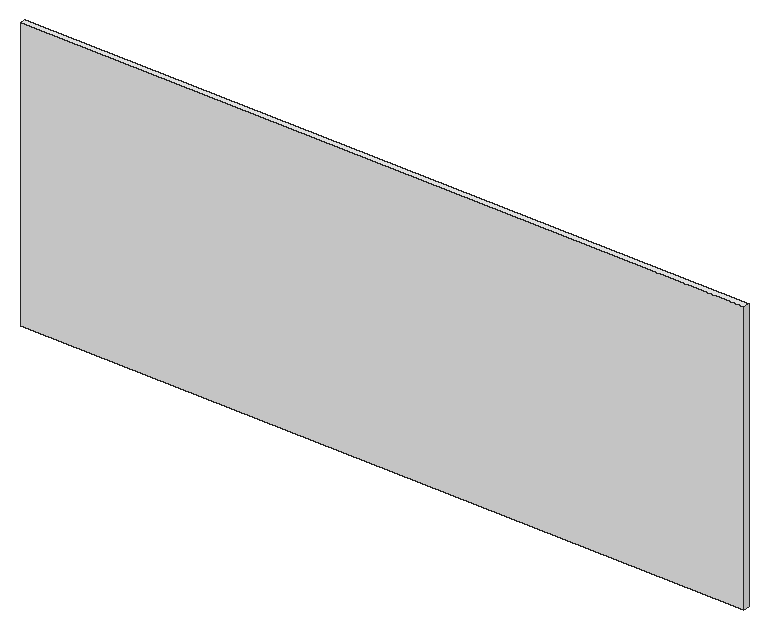
Revit family
Parameters (values of type "19" x 17"")
  Keynote = "07"
  Assembly Code = "D2010430"
  Depth = 1' - 5"
  Fixture/Piping Material = Metal - Steel, Polished
  Height = 2' - 10"
  Sink Material = Porcelain - Ivory
  Width = 1' - 7"
Types (2): name | Keynote | Depth | Height | Width
  19" x 17" | "07" | 1' - 5" | 2' - 10" | 1' - 7"
  20" x 18" | "13" | 1' - 6" | 3' - 0" | 1' - 8"
Reference planes (in)
  plane 1: y = 0
  plane 2 "Center L/R": x = 11.55865
  plane 3: z = 34
  plane 4: y = 3
  plane 5: y = 20
  plane 6: x = 21.05865
  plane 7: x = 2.05865
  plane 8: z = 27
  plane 9: y = 5
  plane 10: z = 29
Lines and regions (in)
  symbolic lines
    curve 1: line (21.05865, 4, 0) -> (2.05865, 4, 0)
Text (in)
  text "Interior" at (0, 9.57251, 67.90327), in view "Right"
  text "Interior" at (-24.6631, 35.66131, 0), in view "Floor Line"
  text "Interior" at (0, 31.00986, 52.04971), in view "Left"
Dimensions and locks (in)
  "Depth": plane 4 to plane 5
  equal spacing: plane 7, plane 2 "Center L/R", plane 6
  "Width": plane 7 to plane 6
  "Height": level to plane 3
  plane 3 to plane 8 = 0' - 7"
  locked: plane 4 to plane 9 at 2
  plane 8 to level = 2' - 3"
  locked: plane 10 to plane 3 at 5
  aligned and locked: plane 4 to host wall
  aligned and locked: nested 1 to plane 2 "Center L/R"
Automatic sketch dimensions
  curve 1 to plane 7 = 0' - 0"
  curve 1 to plane 6 = 0' - 0"
  host wall to curve 1 = 0' - 1"
Nested families (in)
  nested 1: "Mirror - No Frame" at (10.59525, 0, 0), type "96" x 36""
    with Width 8' - 0"
Definition of nested family "Mirror - No Frame"
  Parameters (values of type "24" x 36"")
    Thickness = 0' - 0 3/4"
    Mirror material = Mirror
    Assembly Code = "C1030200"
    Height = 3' - 0"
    Mounting Height = 3' - 4"
    Width = 2' - 0"
  Reference planes (in)
    plane 1: y = 0
    plane 2 "Center": x = 0.9634
    plane 3 "Back": y = 3
    plane 4 "Front": y = 3.75
  Forms (in)
    Extrusion 1, solid, material "Mirror" <- "Mirror material"
      sketch origin (-60, 3, 0) x (-1, 0, 0) y (0, 0, 1)
        loop
          line (-72.9634, 40) -> (-48.9634, 40) -> (-48.9634, 76) -> (-72.9634, 76) -> (-72.9634, 40)
      from 0 to 0.75
  Lines and regions (in)
    Masking region 1
      outline origin (0, 0, 0) x (1, 0, 0) y (0, 1, 0)
        loop
          line (-11.0366, 3.75) -> (-11.0366, 3) -> (12.9634, 3) -> (12.9634, 3.75) -> (-11.0366, 3.75)
  Text (in)
    text "Interior" at (0, 21.16912, 66.06878), in view "Right"
    text "Interior" at (-5.40923, 34.27703, 0), in view "Ref. Level"
    text "Interior" at (0, 26.32049, 37.97268), in view "Left"
  Dimensions and locks (in)
    equal spacing: Extrusion 1 sketch curve, plane 2 "Center", Extrusion 1 sketch curve
    "Width": Extrusion 1 sketch curve to Extrusion 1 sketch curve
    "Height": Extrusion 1 sketch curve to Extrusion 1 sketch curve
    "Mounting Height": host wall to Extrusion 1 sketch curve
    "Thickness": plane 3 "Back" to plane 4 "Front"
    aligned and locked: plane 3 "Back" to host wall
    aligned and locked: Masking region 1 sketch curve to Extrusion 1  (x4)
    aligned and locked: plane 4 "Front" to Extrusion 1
